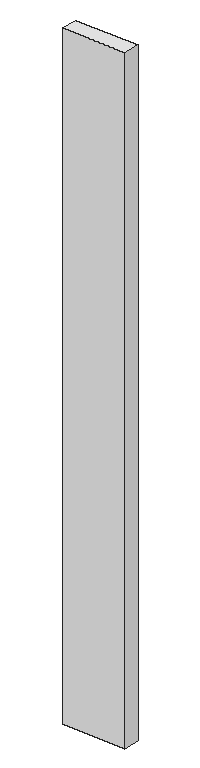
Revit family "ff3dae46c57145f2aaac0632e255b4cf", category Casework, host Wall, Revit 2021
Family settings
  Host = Wall
  OmniClass Number = 23.40.35.17.47.11
  OmniClass Title = Kitchen Casework
  Seek Item ID = Upper Cabinet-Filler-Wall-0000-USA-ENU
  Always vertical = Yes
  Cut with Voids When Loaded = No
  Shared = No
  Room Calculation Point = No
Parameters
  Default Elevation = 0' - 0"
  Assembly Code = "C1030410"
  Cabinet Material = none
  Depth = 1' - 0"
  Height = 2' - 6"
  Top Of Cabinet = 7' - 0"
  Width [instance] = 0' - 3"
Reference planes (in)
  plane 1: y = 0
  plane 2 "Center": x = 1.17209
  plane 3 "Right": x = 2.67209
  plane 4 "Left": x = -0.32791
  plane 5: z = 54
  plane 6: z = 84
  plane 7 "Front": y = 15
  plane 8: y = 3
Forms (in)
  Sweep 1, solid, material <- "Cabinet Material"
    path origin (0, 0, 0) x (1, 0, 0) y (0, 1, 0)
      loop
        line (-0.32791, 15) -> (2.67209, 15)
    profile origin (1.17209, 0, 0) x (0, 1, 0) y (0, 0, 1)
      loop
        line (15, 84) -> (14.25, 84) -> (14.25, 54) -> (15, 54) -> (15, 84)
Lines and regions (in)
  symbolic lines, style "Plan Rep - Above"
    curve 1: line (-0.32791, 3, 0) -> (2.67209, 3, 0)
    curve 2: line (-0.32791, 15, 0) -> (-0.32791, 3, 0)
    curve 3: line (2.67209, 15, 0) -> (-0.32791, 15, 0)
    curve 4: line (2.67209, 3, 0) -> (2.67209, 15, 0)
Text (in)
  text "Placement Side" at (0, 40.15149, 123.01588), in view "Right"
  text "Placement Side" at (-44.06565, 29.42035, 0), in view "Floor Line"
  text "Placement Side" at (0, 60.50917, 96.86095), in view "Left"
Dimensions and locks (in)
  equal spacing: plane 4 "Left", plane 2 "Center", plane 3 "Right"
  "Width": plane 4 "Left" to plane 3 "Right"
  "Height": plane 5 to plane 6
  "Depth": plane 8 to plane 7 "Front"
  "Top Of Cabinet": level to plane 6
  aligned and locked: plane 8 to host wall
  aligned and locked: Sweep 1 sketch curve to curve 2
  aligned and locked: plane 5 to Sweep 1 sketch curve
  aligned and locked: Sweep 1 sketch curve to plane 6
  aligned and locked: plane 7 "Front" to Sweep 1 sketch curve
Automatic sketch dimensions
  curve 3 to plane 4 "Left" = 0' - 0"
  curve 3 to plane 3 "Right" = 0' - 0"
  curve 1 to host wall = 0' - 0"
  curve 3 to plane 7 "Front" = 0' - 0"
  profile plane to Sweep 1 sketch curve = 0' - 0 3/4"
  Sweep 1 sketch curve to plane 3 "Right" = 0' - 0"
  Sweep 1 sketch curve to plane 7 "Front" = 0' - 0"
